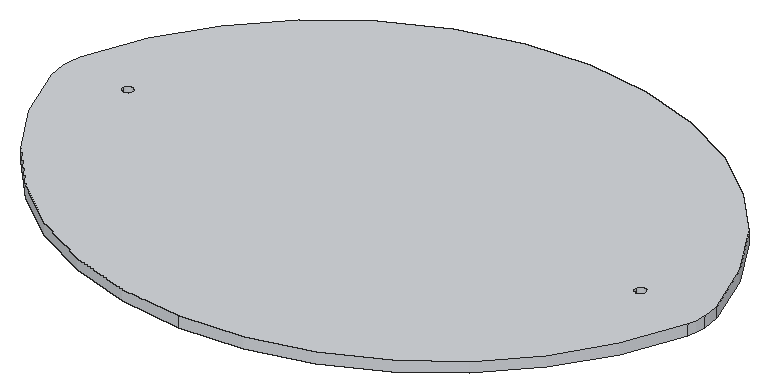
Revit family "MN-Sezione_CC_h", category Generic Models, Revit 2012
Parameters (values of type "SezioneCC_h")
  top_h_r [instance] = (top_r + r_ctrl) - top_conca_h_ctrl  # 270.833 mm
  top_conca_h [instance] = 500 mm
  top_conca_h_ctrl [instance] = if(top_conca_h > r_ctrl + interasse / 2 - 20 mm, r_ctrl + interasse / 2 - 20 mm, if(top_conca_h < r_ctrl + 1 mm, r_ctrl + 1 mm, top_conca_h))  # 500 mm
  top_cerchio_a [instance] = 90.0000° - top_angolo  # 16.2602°
  top_angolo [instance] = 90.0000° - 2 * atan((interasse - 2 * top_conca_h_ctrl + 2 * r_ctrl) / (interasse + 2 * top_conca_h_ctrl - 2 * r_ctrl))  # 73.7398°
  spessore_half [instance] = spessore / 2  # 10 mm
  spessore [instance] = 20 mm
  r_ctrl [instance] = if(and(r > 0 mm, r > conca_distanza_min), if(r > interasse_half, interasse_half - 10 mm, r), conca_distanza_min + 10 mm)  # 125 mm
  r [instance] = 125 mm
  materiale = none
  foro_r_ctrl [instance] = if(foro_r < r, foro_r, r - 10 mm)  # 10 mm
  foro_r = 10 mm
  conca_distanza_min = 0 mm
  interasse_half [instance] = interasse / 2  # 500 mm
  top_r [instance] = (interasse ^ 2 + 4 * (top_conca_h_ctrl ^ 2) - 16 * top_conca_h_ctrl * r_ctrl + 12 * (r_ctrl ^ 2)) / (8 * (top_conca_h_ctrl - r_ctrl)) + 2 * r_ctrl  # 645.833 mm
  interasse [instance] = 1000 mm
  bottom_h_r [instance] = (bottom_r + r_ctrl) - bottom_conca_h_ctrl  # 270.833 mm
  bottom_conca_h_ctrl [instance] = if(bottom_conca_h > r_ctrl + interasse / 2 - 20 mm, r_ctrl + interasse / 2 - 20 mm, if(bottom_conca_h < r_ctrl + 1 mm, r_ctrl + 1 mm, bottom_conca_h))  # 500 mm
  bottom_conca_h [instance] = 500 mm
  bottom_r [instance] = (interasse ^ 2 + 4 * (bottom_conca_h_ctrl ^ 2) - 16 * bottom_conca_h_ctrl * r_ctrl + 12 * (r_ctrl ^ 2)) / (8 * (bottom_conca_h_ctrl - r_ctrl)) + 2 * r_ctrl  # 645.833 mm
  bottom_cerchio_a [instance] = 90.0000° - bottom_angolo  # 16.2602°
  bottom_angolo [instance] = 90.0000° - 2 * atan((interasse - 2 * bottom_conca_h_ctrl + 2 * r_ctrl) / (interasse + 2 * bottom_conca_h_ctrl - 2 * r_ctrl))  # 73.7398°
  Default Elevation = 1219.2 mm
Reference planes
  plane 1 "Center (Front/Back)": y = 0
  plane 2: z = 0
  plane 3 "Center (Left/Right)": x = 0
  plane 4: x = 1000
  plane 5: x = 500
  plane 6: z = 20
  plane 7: y = 125
  plane 8: y = -125
  plane 9: y = 145.833
  plane 10: y = -145.833
Forms (mm)
  Extrusion 1, solid
    sketch origin (0, 0, 0) x (1, 0, 0) y (0, 1, 0)
      loop
        arc (500, -500) -> (887.5, -370.833) -> (1120, -35) r 645.833
        arc (1120, -35) -> (1123.744, -17.678) -> (1125, 0) r 125
        arc (1125, 0) -> (1123.744, 17.678) -> (1120, 35) r 125
        arc (1120, 35) -> (887.5, 370.833) -> (500, 500) r 645.833
        arc (500, 500) -> (112.5, 370.833) -> (-120, 35) r 645.833
        arc (-120, 35) -> (-123.744, 17.678) -> (-125, 0) r 125
        arc (-125, 0) -> (-123.744, -17.678) -> (-120, -35) r 125
        arc (-120, -35) -> (112.5, -370.833) -> (500, -500) r 645.833
    from 0 to 20
  Extrusion 2, void
    sketch origin (0, 0, 0) x (1, 0, 0) y (0, 1, 0)
      loop
        circle (0, 0) r 10
      loop
        circle (1000, 0) r 10
    from 0 to 20
Cuts and joins
  Extrusion 2 cuts Extrusion 1
Dimensions and locks
  equal spacing: plane 4, plane 5, plane 3 "Center (Left/Right)"
  "interasse_half": plane 5 to plane 3 "Center (Left/Right)"
  "r_ctrl": plane 8 to plane 1 "Center (Front/Back)"
  "r_ctrl": plane 1 "Center (Front/Back)" to plane 7
  "bottom_h_r": plane 9 to plane 8
  "top_h_r": plane 10 to plane 7
  "spessore": plane 6 to plane 2
  "bottom_r": radius of Extrusion 1 sketch curve
  "top_r": radius of Extrusion 1 sketch curve
  "r_ctrl": radius of Extrusion 1 sketch curve  (x4)
  "foro_r_ctrl": radius of Extrusion 2 sketch curve  (x2)
  "top_angolo": angle Extrusion 1 sketch curve to Extrusion 1 sketch curve  (x2)
  "bottom_angolo": angle Extrusion 1 sketch curve to Extrusion 1 sketch curve  (x2)
  "bottom_cerchio_a": angle Extrusion 1 sketch curve to Extrusion 1 sketch curve  (x2)
  "top_cerchio_a": angle Extrusion 1 sketch curve to Extrusion 1 sketch curve  (x2)
  aligned and locked: level to plane 2
  aligned and locked: plane 10 to Extrusion 1 sketch curve  (x2)
  aligned and locked: plane 5 to Extrusion 1 sketch curve  (x6)
  aligned and locked: plane 9 to Extrusion 1 sketch curve
  aligned and locked: plane 3 "Center (Left/Right)" to Extrusion 1 sketch curve
  aligned and locked: plane 4 to Extrusion 1 sketch curve
  aligned and locked: plane 1 "Center (Front/Back)" to Extrusion 1 sketch curve  (x6)
  aligned and locked: Extrusion 1 to plane 6
  aligned and locked: plane 3 "Center (Left/Right)" to Extrusion 2 sketch curve
  aligned and locked: plane 1 "Center (Front/Back)" to Extrusion 2 sketch curve  (x2)
  aligned and locked: plane 4 to Extrusion 2 sketch curve
  aligned and locked: Extrusion 2 to plane 6
Automatic sketch dimensions
  Extrusion 1 sketch curve to Extrusion 1 sketch curve = 0 mm
